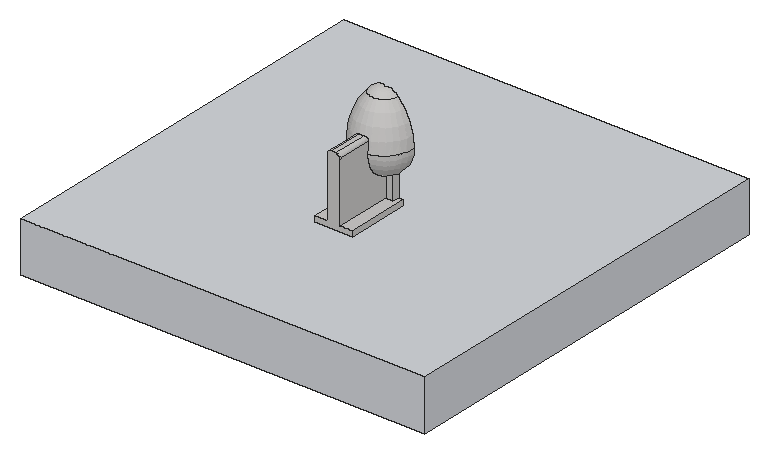
Revit family
Parameters (values of type "1685-T-2")
  Waste Connection = yes
  WO3B - 3" Waste Outlet from 2-3/8" Waste (1.6 or 3.5 GPF) = no
  WO3 - 3" Toilet P-Trap (3.5 GPF Only) = no
  Vent Connection = no
  VAC - AcornVac System = no
  URL = "http://www.acorneng.com"
  ULF-1.6 GPF = no
  TWE - 3" (76mm) Standard Toilet Waste Extension (Specify Length Beyond Fixture) = no
  TSC - Toilet Shipping Cover = no
  TG - 12 Gage (2.77mm) Cabinet = no
  TF - 120VAC to 24VAC Transformer = no
  T - Top (Exposed) = yes
  SW - Wall Sleeve = no
  SPS - Suicide Prevention Skirt = no
  Revised Date = "06/08/12"
  Phone # = "626-336-4561"
  PFS - Punched for Seat by Others = no
  PC - Pinned Cleanout Plug = no
  Model = "1685-T-2"
  Manufacturer = "Acorn Engineering"
  MT - Metal Template (Only 1 Required Per Project) = no
  HW Connection = no
  HS - Hinged Seat (N/A with -FVC Options) = no
  HPS - High Polish Seat #7 Finish = no
  HET-1.28 GPF = no
  HET - High Efficiency Toilet Design = no
  GW - Gasketed Toilet Waste = no
  FVT - Flush Valve Through Wall Connector = no
  FVL - Flush Valve, ADA Lever Handle = no
  FVBO - Flush Valve by Others = no
  FV - Flush Valve, Mechanical (N/A for ADA) = no
  FTE - Flood-Trol, Electronic = no
  FTA - Flood-Trol, Auto-Reset = no
  FT - Flood-Trol (Manual Reset) = no
  EG - Enviro-Glaze: Toilet Interior (Specify Color) = no
  EG - Enviro-Glaze: Toilet Exterior Only (Specify Color) = no
  Designed By = "ATS BIM Team"
  Description = "Blowout Jet Toilet - On-Floor"
  Default Elevation = 15.000"
  CW Connection = yes
  COH - Cleanout Hook Assembly = no
  CO1-3 - Cleanout w/ O-Ring Connecting to No-Hub 3" (Plain End Only, N/A with -WO3) = no
  CO1 - Cleanout w/ O-Ring Connecting to No-Hub 4" (Plain End Only) = no
  Assembly Code = "D2010100"
  ADA - ADA Compliant 18" (457mm) Integral Seat Height = no
  3.5 GPF = no
  2 - On-Floor, Wall Outlet = yes
Reference planes (in)
  plane 1 "Center (Front/Back)": y = 0
  plane 2: z = 0
  plane 3 "Center (Left/Right)": x = 0
  plane 4: y = -15
  plane 5: x = 4.5019
  plane 6: x = 7.00446
  plane 7: x = -4.5019
  plane 8: x = -7.00446
  plane 9: z = 24.25
  plane 10: z = 2.75
  plane 11: y = 1.109
Forms (in)
  Extrusion 1, solid
    sketch origin (0, 0, 0) x (1, 0, 0) y (0, 1, 0)
      loop
        line (-48, 48) -> (-48, -48) -> (48, -48) -> (48, 48) -> (-48, 48)
    from 0 to -12
  Revolve 2, solid, material "Stainless Steel, Satin Finish"
    sketch origin (0, 0, 12.10003) x (1, 0, 0) y (0, 0, -1)
      loop
        arc (-3.15685, 5.39837) -> (-5.98721, 2.7825) -> (-7.00398, -0.93501) r 7
        arc (-7.00398, -0.93501) -> (-6.00543, -6.18428) -> (-3.22329, -10.74626) r 14.9375
        arc (-3.22329, -10.74626) -> (-1.76587, -11.80227) -> (0, -12.14997) r 4.19285
        line (0, -12.14997) -> (0, -10.72663)
        arc (0, -10.72663) -> (-0.94166, -10.47412) -> (-1.62924, -9.78296) r 1.875
        arc (-1.62924, -9.78296) -> (-3.30735, -6.2287) -> (-4.40764, -2.45535) r 25
        arc (-4.40764, -2.45535) -> (-3.49221, 1.30123) -> (0, 2.96087) r 4.5
        line (0, 2.96087) -> (0, 5.39837) -> (-3.15685, 5.39837)
      axis (0, -12.14997) -> (0, 5.39837)
    angle from 0 to 180
  Extrusion 3, solid, material "Stainless Steel, Satin Finish"
    sketch origin (0, 0, 12.10003) x (1, 0, 0) y (0, 0, -1)
      loop
        line (-3.28382, 10.7073) -> (-3.28382, 5.29093) -> (3.32825, 5.29093) -> (3.32825, 10.7073) -> (-3.28382, 10.7073)
    from -1.57286 to 0
  Extrusion 4, solid, material "Stainless Steel, Satin Finish"
    sketch origin (0, -15.19028, -6) x (1, 0, 0) y (0, 1, 0)
      loop
        circle (0, 11.44028) r 1.1875
    from 3 to 6
  Extrusion 5, solid, material "Stainless Steel, Satin Finish"
    sketch origin (0, 33, 0) x (1, 0, 0) y (0, 1, 0)
      loop
        line (-4.5, -48) -> (4.47065, -48) -> (4.47065, -33) -> (-4.5, -33) -> (-4.5, -48)
    from 0 to 1.39272
  Extrusion 6, solid, material "Stainless Steel, Satin Finish"
    sketch origin (0, 33, 0) x (0, 1, 0) y (0, 0, 1)
      loop
        line (-34.57286, 6.70166) -> (-36.1237, 6.70166)
        arc (-36.1237, 6.70166) -> (-38.92314, 9.28166) -> (-39.97132, 12.94152) r 7.04434
        arc (-39.97132, 12.94152) -> (-39.81222, 14.81739) -> (-39.32014, 16.63455) r 10.48201
        line (-39.32014, 16.63455) -> (-48, 16.63455) -> (-48, 1.39272) -> (-34.57286, 1.39272) -> (-34.57286, 6.70166)
    from -1.5 to 1.5
  Extrusion 7, void
    sketch origin (0, 33, 0) x (1, 0, 0) y (0, 0, 1)
      loop
        line (-0.5, 16.46665) -> (0.5, 16.46665)
        arc (0.5, 16.46665) -> (1.20711, 16.17376) -> (1.5, 15.46665) r 1
        line (1.5, 15.46665) -> (1.5, 16.63455) -> (-1.5, 16.63455) -> (-1.5, 15.46665)
        arc (-1.5, 15.46665) -> (-1.20711, 16.17376) -> (-0.5, 16.46665) r 1
    from 39.24174 to 48
  Revolve 8, solid, material "Stainless Steel, Satin Finish"
    sketch origin (0, 0, 2.75) x (1, 0, 0) y (0, 1, 0)
      loop
        line (0, 0) -> (0, 1.109) -> (-0.9375, 1.109) -> (-0.9375, 0) -> (0, 0)
      axis (0, 0) -> (0, 1.109)
    angle from 0 to 360
Cuts and joins
  Extrusion 7 cuts Extrusion 6
  joined: Revolve 2, Extrusion 3, Extrusion 4, Extrusion 5, Extrusion 6, Revolve 8
Dimensions and locks (in)
  plane 7 to plane 5 = 9.00379"
  plane 6 to plane 8 = 14.00893"
  plane 2 to plane 9 = 24.250"
  plane 10 to plane 2 = 2.750"
  plane 1 "Center (Front/Back)" to plane 11 = 1.109"
  aligned and locked: plane 2 to Extrusion 1
  aligned and locked: level to Extrusion 1
Connectors (in)
  piping at (0, -3.75, -3)
    settings: on Extrusion 4, index 3
